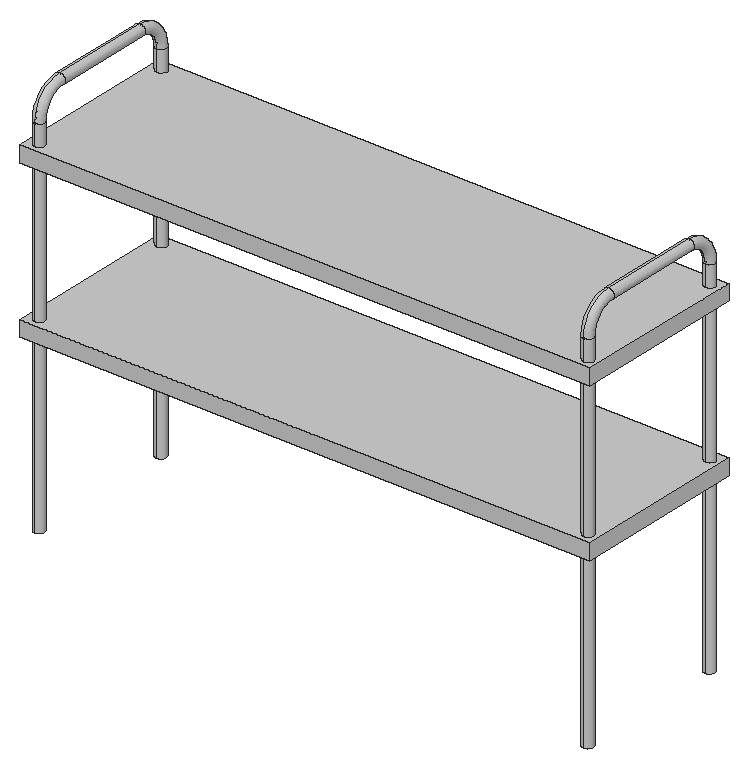
Revit family "QF_INOMAK_RD311_250610103602", category Specialty Equipment, Revit 2021
Family settings
  Round Connector Dimension = Use Diameter
  Part Type = Normal
  OmniClass Number = 23.40.40.14
  OmniClass Title = Food Service Equipment
  Work Plane-Based = No
  Always vertical = Yes
  Cut with Voids When Loaded = No
  Shared = No
  Room Calculation Point = No
Parameters (values of type "RD311")
  Weight [instance] = 11.4986 kg
  Warranty Start Date [instance] = ""
  Warranty Duration [instance] = ""
  URL Recommended Spares List [instance] = ""
  URL Manufacturer [instance] = ""
  URL Cutsheet [instance] = ""
  URL Critical Spares List [instance] = ""
  URL = "www.inomak.com"
  Technical Documentation [instance] = ""
  Tag Number [instance] = ""
  Status [instance] = ""
  Specification by User [instance] = ""
  Specification by Manufacturer [instance] = ""
  Sound Level [instance] = ""
  Show Logo [instance] = yes
  Show Clearances [instance] = yes
  Service Life Duration [instance] = ""
  Serial Number [instance] = ""
  Seismic Rating [instance] = ""
  SMACNA No [instance] = ""
  Revision Code [instance] = ""
  Revision [instance] = ""
  Production Year [instance] = ""
  Point Load [instance] = 0
  Other Equipment Approvals [instance] = ""
  NAFEM Spec ID Number [instance] = ""
  Model Warning [instance] = ""
  Model = "RD311"
  Masterspec [instance] = ""
  Manufacturer = "INOMAK"
  Length Actual [instance] = 1091.946 mm
  Item Number [instance] = ""
  Installed By [instance] = ""
  Installation Date [instance] = ""
  Identify Quantity as Lot [instance] = no
  ID [instance] = ""
  Hygiene Approval [instance] = ""
  Height Actual [instance] = 763.016 mm
  Furnished By [instance] = ""
  Foodservice Equipment Identifier [instance] = no
  ETL Approved [instance] = no
  Description = "TOP FITTED DOUBLE SHELF"
  Depth Actual [instance] = 331.978 mm
  Default Elevation = 0 mm
  Cost = 0
  CSI MasterFormat [instance] = ""
  CE Approved [instance] = no
  Barcode [instance] = 0
  Author [instance] = ""
  Asset Identifier [instance] = ""
  Accessory [instance] = no
Reference planes
  plane 1 "Center (Front/Back)": y = 0
  plane 2: z = 0
  plane 3 "Center (Left/Right)": x = 0
Dimensions and locks
  aligned and locked: level to plane 2
Nested families
  nested 1: "QF_INOMAK_GANTRIES_DOUBLE_SHELF_2920" at (0, 0, 0), type "RD311"
    with Weight 11.4986 kg, Warranty Start Date "", Warranty Duration "", URL Cutsheet "", Technical Documentation "", Tag Number "", Status "", Specification by User "", Specification by Manufacturer "", Sound Level "", Solid Fuel Type "", Show Logo yes, Show Clearances yes, Service Life Duration "", Serial Number "", Seismic Rating "", SMACNA No "", Revision Code "", Revision "", Production Year "", Point Load 0, Other Equipment Approvals "", NAFEM Spec ID Number "", Model Warning "", Masterspec "", Length Actual 1091.946 mm, Item Number "", Installed By "", Installation Date "", Identify Quantity as Lot yes, ID "", Hygiene Approval "", Height Actual 763.016 mm, Furnished By "", Foodservice Equipment Identifier yes, ETL Approved yes, Depth Actual 331.978 mm, CSI MasterFormat "", CE Approved yes, Barcode "", Author "", Asset Identifier "", Accessory no
Definition of nested family "QF_INOMAK_GANTRIES_DOUBLE_SHELF_2920"
  Parameters (values of type "RD314")
    Weight [instance] = 0.00 kg
    Warranty Start Date [instance] = ""
    Warranty Duration [instance] = ""
    URL Cutsheet [instance] = ""
    URL = "www.inomak.com"
    Technical Documentation [instance] = ""
    Tag Number [instance] = ""
    Status [instance] = ""
    Specification by User [instance] = ""
    Specification by Manufacturer [instance] = ""
    Sound Level [instance] = ""
    Solid Fuel Type [instance] = ""
    Show Logo [instance] = yes
    Show Clearances [instance] = yes
    Service Life Duration [instance] = ""
    Serial Number [instance] = ""
    Seismic Rating [instance] = ""
    SMACNA No [instance] = ""
    Revision Code [instance] = ""
    Revision [instance] = ""
    Production Year [instance] = ""
    Point Load [instance] = 0
    Other Equipment Approvals [instance] = ""
    NAFEM Spec ID Number [instance] = ""
    Model Warning [instance] = ""
    Model = "RD314"
    Masterspec [instance] = ""
    Manufacturer = "INOMAK"
    Length Actual [instance] = 1392 mm
    Item Number [instance] = ""
    Installed By [instance] = ""
    Installation Date [instance] = ""
    Identify Quantity as Lot [instance] = yes
    ID [instance] = ""
    Hygiene Approval [instance] = ""
    Height Actual [instance] = 763 mm
    Furnished By [instance] = ""
    Foodservice Equipment Identifier [instance] = yes
    ETL Approved [instance] = yes
    Description = "TOP FITTED DOUBLE SHELF"
    Depth Actual [instance] = 332 mm
    Default Elevation = 0 mm
    CSI MasterFormat [instance] = ""
    CE Approved [instance] = yes
    Barcode [instance] = ""
    Author [instance] = ""
    Asset Identifier [instance] = ""
    Assembly Code = "E1090320"
    Accessory [instance] = yes
  Types (5, lengths in mm): name | Model | Length Actual
    RD311 | "RD311" | 1092
    RD314 | "RD314" | 1392
    RD316 | "RD316" | 1592
    RD318 | "RD318" | 1792
    RD319 | "RD319" | 1892
  Reference planes
    plane 1 "Back": y = 0
    plane 2: z = 0
    plane 3 "Left": x = 0
    plane 4 "Right": x = 1392
    plane 5 "Front": y = -332
    plane 6 "Top": z = 763
    plane 7: z = 663
    plane 8: z = 363
  Forms (mm)
    Extrusion 1, solid
      sketch origin (0, 0, 663) x (0, 1, 0) y (-1, 0, 0)
        loop
          line (0, 0) -> (-332, 0) -> (-332, -1392) -> (0, -1392) -> (0, 0)
      from 0 to -30
    Sweep 2, solid
      path origin (0, 0, 0) x (0, 1, 0) y (0, 0, 1)
        loop
          line (-20, 0) -> (-20, 703)
          arc (-20, 703) -> (-34.645, 738.355) -> (-70, 753) r 50
          line (-70, 753) -> (-262, 753)
          arc (-262, 753) -> (-297.355, 738.355) -> (-312, 703) r 50
          line (-312, 703) -> (-312, 0)
      profile origin (0, -20, 351.5) x (0, -1, 0) y (1, 0, 0)
        loop
          circle (0, 20) r 10
    Sweep 3, solid
      path origin (1392, -1434.717, 4000) x (0, -1, 0) y (0, 0, 1)
        loop
          line (-1414.717, -4000) -> (-1414.717, -3297)
          arc (-1414.717, -3297) -> (-1400.073, -3261.645) -> (-1364.717, -3247) r 50
          line (-1364.717, -3247) -> (-1172.717, -3247)
          arc (-1172.717, -3247) -> (-1137.362, -3261.645) -> (-1122.717, -3297) r 50
          line (-1122.717, -3297) -> (-1122.717, -4000)
      profile origin (1392, -20, 351.5) x (0, 1, 0) y (-1, 0, 0)
        loop
          circle (0, 20) r 10
    Extrusion 4, solid
      sketch origin (0, 0, 363) x (0, 1, 0) y (-1, 0, 0)
        loop
          line (0, 0) -> (-332, 0) -> (-332, -1392) -> (0, -1392) -> (0, 0)
      from 0 to -30
  Lines and regions (mm)
    symbolic lines
      curve 1: line (0, 0, 0) -> (1392, 0, 0)
      curve 2: line (0, -332, 0) -> (0, 0, 0)
      curve 3: line (1392, -332, 0) -> (0, -332, 0)
      curve 4: line (1392, 0, 0) -> (1392, -332, 0)
      curve 5: arc (10, -20, 0) -> (20, -10, 0) -> (30, -20, 0) r 10
      curve 6: arc (10, -312, 0) -> (20, -322, 0) -> (30, -312, 0) r 10
      curve 7: line (30, -312, 0) -> (30, -20, 0)
      curve 8: line (10, -20, 0) -> (10, -312, 0)
      curve 9: arc (1382, -20, 0) -> (1372, -10, 0) -> (1362, -20, 0) r 10
      curve 10: arc (1382, -312, 0) -> (1372, -322, 0) -> (1362, -312, 0) r 10
      curve 11: line (1362, -312, 0) -> (1362, -20, 0)
      curve 12: line (1382, -20, 0) -> (1382, -312, 0)
  Dimensions and locks
    "Length Actual": plane 3 "Left" to plane 4 "Right"
    "Depth Actual": plane 5 "Front" to plane 1 "Back"
    "Height Actual": plane 6 "Top" to plane 2
    locked: plane 6 "Top" to plane 7 at 100
    locked: plane 7 to plane 8 at 300
    aligned and locked: level to plane 2
  Automatic sketch dimensions
    curve 3 to plane 3 "Left" = 0 mm
    curve 3 to plane 4 "Right" = 0 mm
    curve 3 to plane 5 "Front" = 0 mm
    plane 1 "Back" to curve 2 = 0 mm
    plane 3 "Left" to curve 8 = 10 mm
    curve 6 to curve 6 = 10 mm
    plane 4 "Right" to curve 11 = 30 mm
    curve 9 to curve 9 = 10 mm
    plane 5 "Front" to curve 11 = 20 mm
    plane 5 "Front" to curve 7 = 20 mm
    plane 1 "Back" to curve 7 = 20 mm
    plane 1 "Back" to curve 9 = 20 mm
    Extrusion 1 sketch curve to plane 3 "Left" = 0 mm
    Extrusion 1 sketch curve to plane 5 "Front" = 0 mm
    plane 1 "Back" to Extrusion 1 sketch curve = 0 mm
    Extrusion 1 sketch curve to plane 4 "Right" = 0 mm
    Sweep 2 sketch curve to level = 0 mm  (x2)
    plane 5 "Front" to Sweep 2 sketch curve = 20 mm
    Sweep 2 sketch curve to plane 6 "Top" = 10 mm
    plane 5 "Front" to Sweep 2 sketch curve = 70 mm
    plane 1 "Back" to Sweep 2 sketch curve = 70 mm
    plane 1 "Back" to Sweep 2 sketch curve = 20 mm
    Sweep 2 sketch curve to profile plane = 0 mm
    plane 3 "Left" to Sweep 2 sketch curve = 20 mm
    Sweep 3 sketch curve to level = 0 mm  (x2)
    plane 1 "Back" to Sweep 3 sketch curve = 20 mm
    plane 7 to Sweep 3 sketch curve = 40 mm
    Sweep 3 sketch curve to Sweep 3 sketch curve = 50 mm
    plane 5 "Front" to Sweep 3 sketch curve = 70 mm
    plane 5 "Front" to Sweep 3 sketch curve = 20 mm
    profile plane to Sweep 3 sketch curve = 0 mm
    plane 4 "Right" to Sweep 3 sketch curve = 20 mm
    Extrusion 4 sketch curve to plane 3 "Left" = 0 mm
    Extrusion 4 sketch curve to plane 5 "Front" = 0 mm
    plane 1 "Back" to Extrusion 4 sketch curve = 0 mm
    Extrusion 4 sketch curve to plane 4 "Right" = 0 mm
    radius of Sweep 2 sketch curve = 10 mm
    radius of Sweep 3 sketch curve = 10 mm
